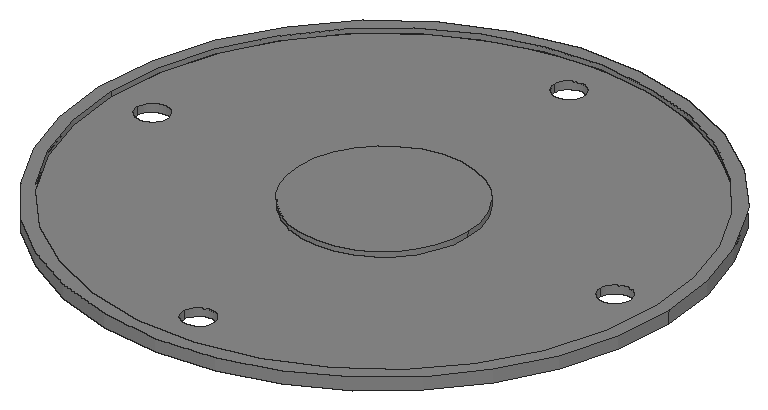
Revit family
Parameters
  Diameter = 600 mm
Reference planes
  plane 1 "Center (Front/Back)": y = 0
  plane 2: z = 0
  plane 3 "Center (Left/Right)": x = 0
  plane 4: x = -300
  plane 5: x = 300
  plane 6: y = 300
  plane 7: y = -300
  plane 8: x = -300
  plane 9: x = 300
Forms (mm)
  Extrusion 1, solid, material "Metal - Paint Finish - Dark Gray, Matte"
    sketch origin (0, 0, 0) x (1, 0, 0) y (0, 1, 0)
      loop
        circle (0, 0) r 300
      loop
        circle (0, -243.747) r 16.011
      loop
        circle (0, 243.747) r 16.011
      loop
        circle (-243.747, 0) r 16.011
      loop
        circle (243.747, 0) r 16.011
    from 0 to 12.7
  Extrusion 2, void
    sketch origin (0, 0, 0) x (1, 0, 0) y (0, 1, 0)
      loop
        circle (0, 0) r 88.9
      loop
        circle (0, 0) r 287.3
    from 7.938 to 12.7
Cuts and joins
  Extrusion 2 cuts Extrusion 1
Dimensions and locks
  "Diameter": plane 6 to plane 7
  "Diameter": plane 4 to plane 5
  equal spacing: plane 4, plane 3 "Center (Left/Right)", plane 5
  equal spacing: plane 6, plane 1 "Center (Front/Back)", plane 7
  "Diameter": plane 8 to plane 9
  locked: plane 8 to Extrusion 2 sketch curve at 12.7
  equal spacing: plane 8, plane 3 "Center (Left/Right)", plane 9
Automatic sketch dimensions
  Extrusion 1 sketch curve to plane 1 "Center (Front/Back)" = 0 mm  (x3)
  Extrusion 1 sketch curve to plane 4 = 0 mm
  Extrusion 1 sketch curve to plane 3 "Center (Left/Right)" = 0 mm  (x3)
  Extrusion 1 sketch curve to Extrusion 1 sketch curve = 40.243 mm
  Extrusion 1 sketch curve to Extrusion 1 sketch curve = 16.011 mm  (x2)
  Extrusion 1 sketch curve to plane 3 "Center (Left/Right)" = 16.011 mm  (x2)
  Extrusion 1 sketch curve to Extrusion 1 sketch curve = 72.264 mm
  plane 7 to Extrusion 1 sketch curve = 56.253 mm
  Extrusion 1 sketch curve to plane 6 = 56.253 mm
  Extrusion 2 sketch curve to plane 1 "Center (Front/Back)" = 0 mm  (x2)
  Extrusion 2 sketch curve to plane 3 "Center (Left/Right)" = 0 mm  (x2)
  Extrusion 2 sketch curve to plane 3 "Center (Left/Right)" = 88.9 mm
